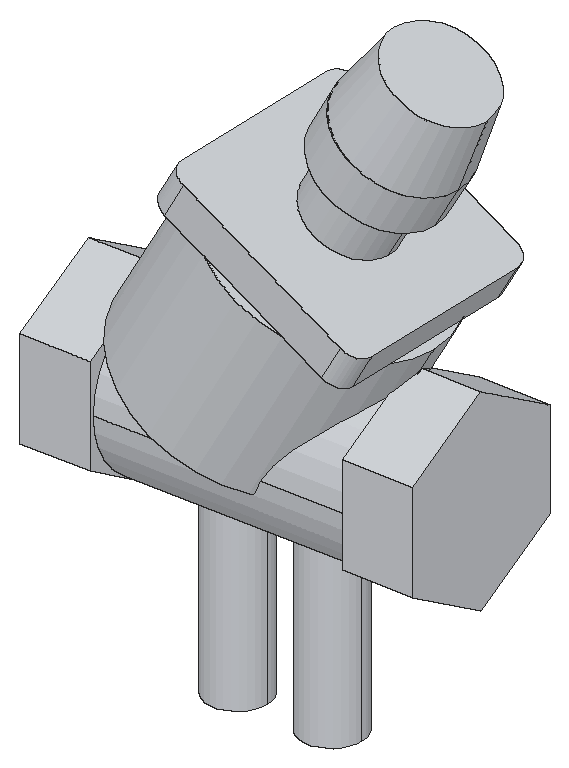
Revit family "OPTIMA_Compact_Plus_FF_DN32_5,5_RFA_2018", category Pipe Accessories, Revit 2018
Family settings
  Round Connector Dimension = Use Diameter
  Part Type = Valve - Breaks Into
  Work Plane-Based = No
  Always vertical = Yes
  Cut with Voids When Loaded = No
  Shared = No
Parameters (values of type "OPTIMA Compact Plus DN32 F-F 5.5mm")
  magiProductId = "df1c00d195034ef0b1ec6dc57a3080"
  magiProductFamilyId = "01be67634ee84b2d9a1468c78c5465"
  magiPartTypeId = 304
  isMeasuringValve [instance] = no
  ang2D [instance] = 0.00°
  Z = 1 mm
  X = 13 mm
  W2D = 32 mm
  VersionID = "2.0/2018.8.28.1/FRESE_OPTIMA-COMPACT-FF_001"
  Use Minimum Symbol Size [instance] = yes
  URL = "www.hydronic.cz"
  Type Comments = "vnitřní závit; PN25; 0~120°C, s měřením"
  R9 = 8 mm
  R8 = 14 mm
  R7 = 17 mm
  R6 = 12 mm
  R5 = 5 mm
  R4 = 29 mm
  R3 = 31.5 mm
  R2 = 22 mm
  R1 = 26 mm
  QmdConnectorList = "301;D;302;D"
  Productdata [instance] = ""
  PLG0 = yes
  Manufacturer = "Hydronic Systems Prague s.r.o."
  MC Product Code = "53-1374  (5/4\" F-F; 5.5mm; Qmin-dpmin 550l/h-17.9kPa; Qmax-dpmin 4001l/h-28.0kPa; dpmax 800kPa)"
  MC Piping Given Pressure Drop [instance] = 0.0 Pa
  LL = 52 mm
  L3 = 12.5 mm
  L2D_Min = 3048 mm
  L2D = 104 mm
  L2 = 66.56 mm
  L1__ve = -L1  # -18.72 mm
  L1 = 18.72 mm
  H6__ve = -H6  # -68 mm
  H6 = 68 mm
  H5 = 20 mm
  H4 = 12 mm
  H3 = 16 mm
  H2 = 10 mm
  H1 = 46 mm
  Description = "Tlakově nezávislý 2-cestný regulační vyvažovací ventil (PICV)"
  D = 32 mm
  CenSd_R1_6 = R1 * cos(30.00°)  # 22.517 mm
  A = 30.00°
Types (6, lengths in mm): name | magiProductId | Z | X | R4 | R3 | R2 | R1 | MC Product Code | LL | L3 | L2 | L1__ve | L1 | H6__ve | H6 | H3 | H2 | H1 | D | CenSd_R1_6
  OPTIMA Compact Plus DN32 F-F 5.5mm | "df1c00d195034ef0b1ec6dc57a3080" | 1 | 13 | 29 | 31.5 | 22 | 26 | "53-1374  (5/4\" F-F; 5.5mm; Qmin-dpmin 550l/h-17.9kPa; Qmax-dpmin 4001l/h-28.0kPa; dpmax 800kPa)" | 52 | 12.5 | 66.56 | -18.72 | 18.72 | -68 | 68 | 16 | 10 | 46 | 32 | 22.517
  OPTIMA Compact Plus DN15 F-F 2.5mm | "89b348523dca4fefb6c7ae521abddd" | 0 | 7 | 19 | 19 | 12 | 15 | "53-1364  (1/2\" F-F; 2.5mm; Qmin-dpmin 100l/h-14.9kPa; Qmax-dpmin 575l/h-18.5kPa; dpmax 800kPa)" | 37.5 | 11 | 48 | -13.5 | 13.5 | -57 | 57 | 18 | 8 | 26 | 15 | 12.99
  OPTIMA Compact Plus DN15 F-F 5.0mm | "2e6505697e744e01b0ad9c2d669662" | 0 | 7 | 19 | 19 | 12 | 15 | "53-1365  (1/2\" F-F; 5.0mm; Qmin-dpmin 220l/h-16.0kPa; Qmax-dpmin 1330l/h-21.6kPa; dpmax 800kPa)" | 37.5 | 11 | 48 | -13.5 | 13.5 | -57 | 57 | 18 | 8 | 26 | 15 | 12.99
  OPTIMA Compact Plus DN20 F-F 5.0mm | "3b063aaad6f44e8dbcb4679e4a622e" | 0 | 10 | 19 | 19 | 13.5 | 17.5 | "53-1368  (3/4\" F-F; 5.0mm; Qmin-dpmin 220l/h-16.0kPa; Qmax-dpmin 1330l/h-21.6kPa; dpmax 800kPa)" | 39.5 | 11 | 50.56 | -14.22 | 14.22 | -59.5 | 59.5 | 18 | 8 | 26 | 20 | 15.155
  OPTIMA Compact Plus DN20 F-F 5.5mm | "6f2e419bcadf4dd2a9ff6e694a03fa" | 0 | 10 | 19 | 19 | 13.5 | 17.5 | "53-1338  (3/4\" F-F; 5.5mm; Qmin-dpmin 300l/h-17.8kPa; Qmax-dpmin 1800l/h-40.0kPa; dpmax 800kPa)" | 39.5 | 11 | 50.56 | -14.22 | 14.22 | -59.5 | 59.5 | 18 | 8 | 26 | 20 | 15.155
  OPTIMA Compact Plus DN25 F-F 5.5mm | "d9f644dbdce8417aa9c852cd9f0b5f" | 0 | 13 | 29 | 31.5 | 18.5 | 22 | "53-1373  (1\" F-F; 5.5mm; Qmin-dpmin 600l/h-17.3kPa; Qmax-dpmin 3609l/h-23.0kPa; dpmax 800kPa)" | 50 | 12.5 | 64 | -18 | 18 | -64 | 64 | 16 | 10 | 43 | 25 | 19.053
Reference planes
  plane 1 "Center (Front/Back)": y = 0
  plane 2 "XYPLANE": z = 0
  plane 3 "Center (Left/Right)": x = 0
  plane 4 "267": x = 12.5
  plane 5 "266": x = -12.5
  plane 6 "252": through (-597.019, 0, 465.933) normal (0.5, 0, 0.866)
  plane 7 "250": through (-607.019, 0, 448.612) normal (0.5, 0, 0.866)
  plane 8 "248": through (-613.019, 0, 438.22) normal (0.5, 0, 0.866)
  plane 9 "245": through (-621.019, 0, 424.363) normal (0.5, 0, 0.866)
  plane 10 "241": through (338.627, 0, 670.519) normal (0.866, 0, -0.5)
  plane 11 "240": through (388.856, 0, 641.519) normal (0.866, 0, -0.5)
  plane 12 "239": y = -29
  plane 13 "238": y = 29
  plane 14 "237": through (-626.019, 0, 415.703) normal (0.5, 0, 0.866)
  plane 15 "235": through (-649.019, 0, 375.866) normal (0.5, 0, 0.866)
  plane 16 "231": y = 0
  plane 17 "230": through (363.742, 0, 656.019) normal (0.866, 0, -0.5)
  plane 18 "211": x = -33.28
  plane 19 "204": x = 52
  plane 20 "203": x = -52
  plane 21 "202": x = 0
  plane 22 "201": z = 0
  plane 23 "200": y = 0
  plane 24 "227XY": through (-649.519, 0, 375) normal (0.5, 0, 0.866)
  plane 25 "227XZ": y = 0
  plane 26 "227YZ": through (375, 0, 649.519) normal (0.866, 0, -0.5)
Forms (mm)
  Extrusion 1, solid
    sketch origin (52, -750, 0) x (0, 1, 0) y (0, 0, 1)
      loop
        line (750, 26) -> (727.483, 13) -> (727.483, -13) -> (750, -26) -> (772.517, -13) -> (772.517, 13) -> (750, 26)
    from 0 to -18.72 <- "L1__ve"
  Extrusion 2, solid
    sketch origin (-52, -750, 0) x (0, 1, 0) y (0, 0, 1)
      loop
        line (750, 26) -> (727.483, 13) -> (727.483, -13) -> (750, -26) -> (772.517, -13) -> (772.517, 13) -> (750, 26)
    from 0 to 18.72 <- "L1"
  Extrusion 3, solid, visible <- "PLG0"
    sketch origin (-750, 0, 0) x (1, 0, 0) y (0, 1, 0)
      loop
        circle (762.5, 0) r 8
    from 0 to -68 <- "H6__ve"
  Extrusion 4, solid, visible <- "PLG0"
    sketch origin (-750, 0, 0) x (1, 0, 0) y (0, 1, 0)
      loop
        circle (737.5, 0) r 8
    from 0 to -68 <- "H6__ve"
  Blend 5, solid
    base sketch origin (-607.019, 0, 448.612) x (0.866025, 0, -0.5) y (0, 1, 0)
      loop
        circle (737, 0) r 17
    top sketch origin (-607.019, 0, 448.612) x (0.866025, 0, -0.5) y (0, 1, 0)
      loop
        circle (737, 0) r 14
    from 0 to 20
  Extrusion 6, solid
    sketch origin (-613.019, 0, 438.22) x (0.866025, 0, -0.5) y (0, 1, 0)
      loop
        circle (737, 0) r 17
    from 0 to 12 <- "H4"
  Extrusion 7, solid
    sketch origin (-621.019, 0, 424.363) x (0.866025, 0, -0.5) y (0, 1, 0)
      loop
        circle (737, 0) r 12
    from 0 to 16 <- "H3"
  Extrusion 8, solid
    sketch origin (-626.019, 0, 415.703) x (0.866025, 0, -0.5) y (0, 1, 0)
      loop
        arc (713, 29) -> (709.464, 27.536) -> (708, 24) r 5
        line (708, 24) -> (708, -24)
        arc (708, -24) -> (709.464, -27.536) -> (713, -29) r 5
        line (713, -29) -> (761, -29)
        arc (761, -29) -> (764.536, -27.536) -> (766, -24) r 5
        line (766, -24) -> (766, 24)
        arc (766, 24) -> (764.536, 27.536) -> (761, 29) r 5
        line (761, 29) -> (713, 29)
    from 0 to 10 <- "H2"
  Extrusion 9, solid
    sketch origin (-649.019, 0, 375.866) x (0.866025, 0, -0.5) y (0, 1, 0)
      loop
        circle (737, 0) r 31.5
    from 0 to 46 <- "H1"
  Extrusion 10, solid
    sketch origin (-33.28, -750, 0) x (0, 1, 0) y (0, 0, 1)
      loop
        circle (750, 0) r 22
    from 0 to 66.56 <- "L2"
  Extrusion 11, solid, not visible
    sketch origin (52, -750, 0) x (0, 1, 0) y (0, 0, 1)
      loop
        circle (750, 0) r 10
    from 0 to -10
  Extrusion 12, solid, not visible
    sketch origin (-52, -750, 0) x (0, 1, 0) y (0, 0, 1)
      loop
        circle (750, 0) r 10
    from 0 to 10
Lines and regions (mm)
  reference lines, not visible
    curve 1: circle (2, 2, 0) r 1 normal (0, 0, 1)
  reference lines
    curve 2: line (52, 0, 0) -> (52, -11.258, -6.5)
    curve 3: line (52, 0, 0) -> (52, 0, -13)
    curve 4: line (52, 0, 0) -> (52, 11.258, -6.5)
    curve 5: line (-52, 0, 0) -> (-52, 11.258, -6.5)
    curve 6: line (-52, 0, 0) -> (-52, 0, -13)
    curve 7: line (-52, 0, 0) -> (-52, -11.258, -6.5)
Dimensions and locks
  plane 1 "Center (Front/Back)" to curve 1 = 2 mm
  "L3": plane 3 "Center (Left/Right)" to plane 4 "267"
  "L3": plane 3 "Center (Left/Right)" to plane 5 "266"
  "H5": plane 7 "250" to plane 6 "252"
  "H4": plane 8 "248" to plane 7 "250"
  "H3": plane 9 "245" to plane 8 "248"
  "H2": plane 14 "237" to plane 9 "245"
  "R4": plane 17 "230" to plane 10 "241"
  "R4": plane 17 "230" to plane 11 "240"
  "R4": plane 23 "200" to plane 12 "239"
  "R4": plane 23 "200" to plane 13 "238"
  "H1": plane 15 "235" to plane 14 "237"
  "Z": plane 24 "227XY" to plane 15 "235"
  locked: plane 23 "200" to plane 16 "231"
  "X": plane 26 "227YZ" to plane 17 "230"
  "L1": plane 20 "203" to plane 18 "211"
  "LL": plane 3 "Center (Left/Right)" to plane 19 "204"
  "LL": plane 3 "Center (Left/Right)" to plane 20 "203"
  locked: plane 3 "Center (Left/Right)" to plane 21 "202"
  locked: plane 2 "XYPLANE" to plane 22 "201"
  locked: plane 1 "Center (Front/Back)" to plane 23 "200"
  "CenSd_R1_6": curve 2 to Extrusion 1 sketch curve  (x2)
  "CenSd_R1_6": curve 3 to Extrusion 1 sketch curve  (x2)
  "CenSd_R1_6": curve 4 to Extrusion 1 sketch curve  (x2)
  Extrusion 1 sketch curve to Extrusion 1 sketch curve = 0 mm  (x12)
  "CenSd_R1_6": curve 5 to Extrusion 2 sketch curve  (x2)
  "CenSd_R1_6": curve 6 to Extrusion 2 sketch curve  (x2)
  "CenSd_R1_6": curve 7 to Extrusion 2 sketch curve  (x2)
  Extrusion 2 sketch curve to Extrusion 2 sketch curve = 0 mm  (x12)
  Extrusion 8 sketch curve to Extrusion 8 sketch curve = 0 mm  (x16)
  "R9": radius of Extrusion 3 sketch curve
  "R9": radius of Extrusion 4 sketch curve
  "R8": radius of Blend 5 sketch curve
  "R7": radius of Blend 5 sketch curve
  "R7": radius of Extrusion 6 sketch curve
  "R6": radius of Extrusion 7 sketch curve
  "R5": radius of Extrusion 8 sketch curve  (x4)
  "R3": radius of Extrusion 9 sketch curve
  "R2": radius of Extrusion 10 sketch curve
  locked: curve 3 to curve 2 (angle 60.00°)
  locked: curve 4 to curve 3 (angle 60.00°)
  locked: curve 4 to curve 2 (angle 120.00°)
  locked: curve 6 to curve 5 (angle 60.00°)
  locked: curve 7 to curve 6 (angle 60.00°)
  locked: curve 7 to curve 5 (angle 120.00°)
  aligned and locked: level to plane 2 "XYPLANE"
  aligned and locked: plane 22 "201" to curve 4
  aligned and locked: curve 4 to plane 23 "200"
  aligned and locked: plane 22 "201" to curve 7
  aligned and locked: curve 7 to plane 23 "200"
  aligned and locked: plane 4 "267" to Extrusion 3 sketch curve
  aligned and locked: plane 23 "200" to Extrusion 3 sketch curve
  aligned and locked: plane 5 "266" to Extrusion 4 sketch curve
  aligned and locked: plane 23 "200" to Extrusion 4 sketch curve
  aligned and locked: plane 16 "231" to Blend 5 sketch curve  (x2)
  aligned and locked: Blend 5 sketch curve to plane 17 "230"  (x2)
  aligned and locked: plane 6 "252" to Blend 5
  aligned and locked: plane 16 "231" to Extrusion 6 sketch curve
  aligned and locked: Extrusion 6 sketch curve to plane 17 "230"
  aligned and locked: plane 16 "231" to Extrusion 7 sketch curve
  aligned and locked: Extrusion 7 sketch curve to plane 17 "230"
  aligned and locked: Extrusion 8 sketch curve to plane 10 "241"
  aligned and locked: Extrusion 8 sketch curve to plane 12 "239"
  aligned and locked: Extrusion 8 sketch curve to plane 11 "240"
  aligned and locked: plane 13 "238" to Extrusion 8 sketch curve
  aligned and locked: plane 16 "231" to Extrusion 9 sketch curve
  aligned and locked: Extrusion 9 sketch curve to plane 17 "230"
  aligned and locked: plane 22 "201" to Extrusion 10 sketch curve
  aligned and locked: Extrusion 10 sketch curve to plane 23 "200"
  aligned and locked: plane 22 "201" to Extrusion 11 sketch curve
  aligned and locked: Extrusion 11 sketch curve to plane 23 "200"
  aligned and locked: plane 22 "201" to Extrusion 12 sketch curve
  aligned and locked: Extrusion 12 sketch curve to plane 23 "200"
Automatic sketch dimensions
  plane 1 "Center (Front/Back)" to Extrusion 11 sketch curve = 10 mm
  plane 1 "Center (Front/Back)" to Extrusion 12 sketch curve = 10 mm
  plane 3 "Center (Left/Right)" to curve 1 = 2 mm
  radius of curve 1 = 1 mm
Connectors
  piping at (-52, 0, 0), diameter 32, driven by "D"
    settings: on Extrusion 12, index 1, connector inside diameter 609.6 mm, connector length 0 mm, flow factor 0, pipe flow 0.0 L/s, pressure drop 0.0 Pa, fitting loss kfactor 0, connector angle 0.00°, fixture units 0, engagement length 0 mm, angle of deflection 0.00°, flow configuration 0, flow direction 0, fitting loss method 0, system type 29, joint type 0, gender type 0, connector reference index 2, connector utility 0, adjustable connector no, is connector primary yes, connector description ""
  piping at (52, 0, 0), diameter 32, driven by "D"
    settings: on Extrusion 11, index 2, connector inside diameter 609.6 mm, connector length 0 mm, flow factor 0, pipe flow 0.0 L/s, pressure drop 0.0 Pa, fitting loss kfactor 0, connector angle 0.00°, fixture units 0, engagement length 0 mm, angle of deflection 0.00°, flow configuration 0, flow direction 0, fitting loss method 0, system type 29, joint type 0, gender type 0, connector reference index 1, connector utility 0, adjustable connector no, is connector primary no, connector description ""
